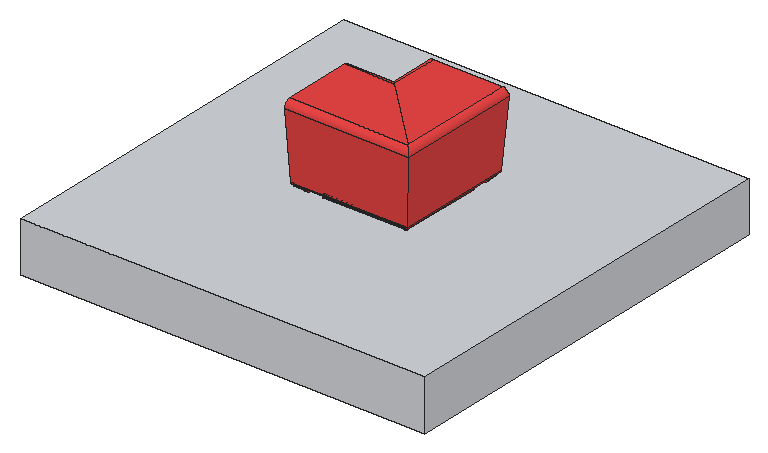
Revit family "Modullaro ML 05", category Meble, Revit 2018
Family settings
  Obiekt nadrzędny = Powierzchnia
  Numer OmniClass = 23.40.10.11.14
  Tytuł OmniClass = Exterior Seating
  Tnij formami wycięć po wczytaniu = Nie
  Współdzielony = Nie
  Punkt obliczania pomieszczeń = Nie
Parameters (values of type "Modullaro ML 05")
  Wysokość = 500 mm  # constant formula
  Waga (szacunkowo) = 16.00 kg  # constant formula
  URL = "http://astrini-design.pl/"
  Temepratura użytkowania = "-40°C do 80°C, ( -40°F do 176°F )"  # constant formula
  Szerokość = 494 mm  # constant formula
  Producent = "Astrini Design"  # constant formula
  Obraz typu = ML-5.jpg
  Model = "Modullaro ML 05"  # constant formula
  Materiał - informacja = "Szeroki wybór kolorów wg palety RAL. Istnieje również możliwość specjalnego wykonania kolorystycznego na indywidualne zapytanie klienta."
  Materiał [instance] = ASTRINI DESIGN_Laminat PWS
  Komentarze do typu = "Ławka"  # constant formula
  IfcExportAs = "IfcFurnishingElement"  # constant formula
  Długość = 747 mm  # constant formula
  Default Elevation = 1219.2 mm
Reference planes
  plane 1 "Środek (Przód/Tył)": y = 0
  plane 2: z = 0
  plane 3 "Środek (Lewa/Prawa)": x = 0
  plane 4: y = 500
  plane 5: y = -500
Forms (mm)
  Extrusion 1, solid
    sketch origin (0, 0, 0) x (1, 0, 0) y (0, 1, 0)
      loop
        line (-1219.2, 1219.2) -> (-1219.2, -1219.2) -> (1219.2, -1219.2) -> (1219.2, 1219.2) -> (-1219.2, 1219.2)
    from 0 to -304.8
  Extrusion 2, void
    sketch origin (72.968, -618.335, 0) x (0.872636, 0.488371, 0) y (-0.488371, 0.872636, 0)
      loop
        line (633.9, 714.856) -> (734.293, 658.67) -> (795.318, 767.71) -> (694.964, 823.873)
        arc (694.964, 823.873) -> (683.722, 813.398) -> (668.457, 811.65) r 24.57
        arc (668.457, 811.65) -> (625.388, 791.988) -> (631.153, 744.995) r 40.055
        arc (631.153, 744.995) -> (637.717, 730.398) -> (633.9, 714.856) r 24.571
      loop
        arc (346.957, 904.045) -> (390.026, 923.708) -> (384.261, 970.701) r 40.055
        arc (384.261, 970.701) -> (377.767, 984.626) -> (380.816, 999.686) r 24.57
        line (380.816, 999.686) -> (280.462, 1055.849) -> (219.438, 946.809) -> (319.832, 890.624)
        arc (319.832, 890.624) -> (331.083, 902.006) -> (346.957, 904.045) r 24.571
      loop
        arc (-114.727, 589.526) -> (-129.324, 582.962) -> (-144.867, 586.779) r 24.571
        line (-144.867, 586.779) -> (-201.052, 486.386) -> (-92.012, 425.362) -> (-35.849, 525.715)
        arc (-35.849, 525.715) -> (-46.324, 536.957) -> (-48.072, 552.223) r 24.57
        arc (-48.072, 552.223) -> (-67.735, 595.291) -> (-114.727, 589.526) r 40.055
      loop
        arc (44.323, 873.722) -> (63.986, 830.653) -> (110.978, 836.418) r 40.055
        arc (110.978, 836.418) -> (124.904, 842.912) -> (139.964, 839.864) r 24.57
        line (139.964, 839.864) -> (196.127, 940.217) -> (87.087, 1001.241) -> (30.902, 900.847)
        arc (30.902, 900.847) -> (42.284, 889.596) -> (44.323, 873.722) r 24.571
    from -30 to 24.5
  Sweep 3, solid, material "ASTRINI DESIGN_Laminat PWS" <- "Materiał", detail levels fine
    path origin (-145.163, 493.443, 0) x (1, 0, 0) y (0, 1, 0)
      loop
        line (-257.95, -738.929) -> (491.476, -738.929) -> (491.476, 10.545)
    profile origin (-403.113, -245.485, 0) x (0, 1, 0) y (0, 0, 1)
      loop
        arc (491.062, 448.862) -> (481.915, 478.862) -> (453.933, 493.03) r 39.979
        arc (453.933, 493.03) -> (245.485, 499.871) -> (37.038, 493.03) r 3179.203
        arc (37.038, 493.03) -> (9.056, 478.862) -> (-0.091, 448.862) r 39.979
        line (-0.091, 448.862) -> (44.525, 33.931)
        arc (44.525, 33.931) -> (47.785, 27.561) -> (54.468, 25) r 10
        line (54.468, 25) -> (65.485, 25)
        arc (65.485, 25) -> (69.021, 23.536) -> (70.485, 20) r 5
        line (70.485, 20) -> (70.485, 5)
        arc (70.485, 5) -> (71.95, 1.464) -> (75.485, 0) r 5
        line (75.485, 0) -> (415.485, 0)
        arc (415.485, 0) -> (419.021, 1.464) -> (420.485, 5) r 5
        line (420.485, 5) -> (420.485, 20)
        arc (420.485, 20) -> (421.95, 23.536) -> (425.485, 25) r 5
        line (425.485, 25) -> (436.503, 25)
        arc (436.503, 25) -> (443.186, 27.561) -> (446.446, 33.931) r 10
        line (446.446, 33.931) -> (491.062, 448.862)
  Sweep 4, solid, material "ASTRINI DESIGN_Laminat PWS" <- "Materiał", detail levels medium
    path origin (-145.163, 493.443, 0) x (1, 0, 0) y (0, 1, 0)
      loop
        line (-257.95, -738.929) -> (491.476, -738.929) -> (491.476, 10.545)
    profile origin (-403.113, -245.485, 0) x (0, 1, 0) y (0, 0, 1)
      loop
        arc (491.062, 448.862) -> (481.915, 478.862) -> (453.933, 493.03) r 39.979
        arc (453.933, 493.03) -> (245.485, 499.871) -> (37.038, 493.03) r 3179.203
        arc (37.038, 493.03) -> (9.056, 478.862) -> (-0.091, 448.862) r 39.979
        line (-0.091, 448.862) -> (48.174, 0) -> (442.797, 0) -> (491.062, 448.862)
  Sweep 5, solid, material "ASTRINI DESIGN_Laminat PWS" <- "Materiał", detail levels coarse
    path origin (-145.163, 493.443, 0) x (1, 0, 0) y (0, 1, 0)
      loop
        line (-257.95, -738.929) -> (491.476, -738.929) -> (491.476, 10.545)
    profile origin (-403.113, -245.485, 0) x (0, 1, 0) y (0, 0, 1)
      loop
        line (-0.091, 0) -> (491.062, 0) -> (491.062, 499.871) -> (-0.091, 499.871) -> (-0.091, 0)
Cuts and joins
  Extrusion 2 cuts Sweep 3
Lines and regions (mm)
  symbolic lines, style "Furniture"
    curve 1: line (346.404, -245.577, 0) -> (346.404, 503.989, 0)
    curve 2: line (-403.113, -245.577, 0) -> (346.404, -245.577, 0)
    curve 3: line (-403.113, -245.577, 0) -> (-403.113, 245.577, 0)
    curve 4: line (-144.749, 245.577, 0) -> (-403.113, 245.577, 0)
    curve 5: line (-144.749, 503.989, 0) -> (-144.749, 245.577, 0)
    curve 6: line (346.404, 503.989, 0) -> (-144.749, 503.989, 0)
Dimensions and locks
  aligned and locked: plane 2 to Extrusion 1
  aligned and locked: level to Extrusion 1
